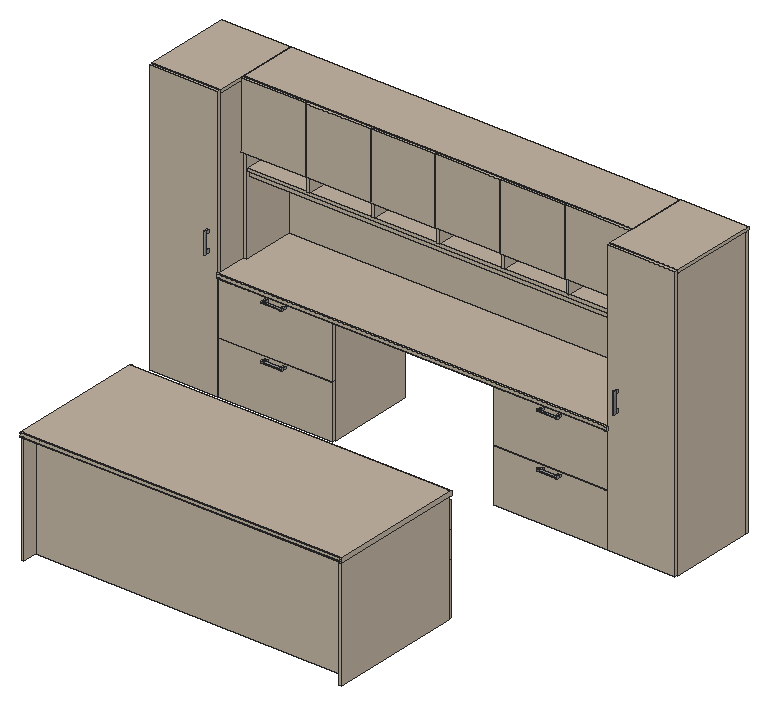
Revit family "JSI-Vision-Typical_Laminate-VST102", category Furniture, Revit 2020
Family settings
  OmniClass Number = 23.40.20.00
  OmniClass Title = General Furniture and Specialties
  Work Plane-Based = No
  Always vertical = Yes
  Cut with Voids When Loaded = No
  Shared = No
  Room Calculation Point = No
Parameters (values of type "VST102")
  URL = "www.jsifurniture.com"
  Type Comments = "Typical Laminate"  # constant formula
  Model = "VST102"
  Manufacturer = "JSI"  # constant formula
  Keynote = "12500"
  Default Elevation = 0"
  Assembly Code = "E2020200"
Reference planes (in)
  plane 1 "Center Front/Back": y = 0
  plane 2: z = 0
  plane 3 "Center Left/Right": x = 0
Dimensions and locks (in)
  aligned and locked: level to plane 2
Nested families (in)
  nested 1: "JSI-Vision-Overhead_Cabinets_with_Cubbies" at (17.875, 0.125, -0.8125), type "VST16102SOC, Laminate OH Cab. 16" x 102", 6 Doors w Cub"
    with Verticall Partition Distance 33.85417", Unit Centre 51", Width 102", Door Width Actual 16.83333", Door Array Spacing 16.95833", Door Width 16.83333", Bottom Partition Array Start Distance 16.89583", Bottom Partition Array Space 16.52083", Bottom Partition Array Distance 16.95833"
  nested 2: "JSI-Vision-Credenza_Top" at (17.875, 0, 28), type "VST24102MCT, Laminate Credenza Top, 24" x 102""
    with Height 0", Width 102", Depth 24"
  nested 3: "JSI-Vision-Storage_Cabinet" at (119.875, 0.125, 0), type "VST2418-72HR, Laminate 72" H Strg Cab24" x 18""
    with Width 17.88", Unit Centre 8.8775", Shelve Width 16.255", Height 72", Adjustable Shelves Array Distance 12.91667", Actual Width 17.755", Actual Height 71 11/16", # of Adjustable Shelves 3
  nested 4: "JSI-Vision-Wardrobe" at (0, 0.125, 0), type "VST2418-72WL - Wardrobe - 1 Doors 30"W x 24"D x 72"H"
    with Vertical Partition no, Top-Right Shelve no, Width 18", Unit Centre 8 15/16", Shelve Width 7 13/16", Right surface Dist. to Vertical Partition 3/4", Right Door no, Pull Distance 15 1/4", Left Shelves no, Height 72", Hanging Bar Distance 6 3/4", Door Width 17 3/4", Bottom-Right Shelves yes, Adjustable Shelves Array Distance 13.95", Actual Width 17 7/8", Actual Height 71 11/16", # of Adjustable Shelves 4
  nested 5: "JSI-Vision-Modular_Lateral_File_Pedestal" at (17.75, 0.1875, 0), type "VST3024MLF, Laminate Modular Lat F Ped"
    with Ped Depth 24"
  nested 6: "JSI-Vision-Modular_Lateral_File_Pedestal" at (89.75, 0.1875, 0), type "VST3024MLF, Laminate Modular Lat F Ped"
    with Ped Depth 24"
  nested 7: "JSI-Vision-Double_Pedestal-Recessed_Modesty" at (76.68587, -91.10065, 0) x (-1, 0, 0) z (0, 0, 1), type "VST3684DDF, Laminate 36 x 84 Dbl Ped Desk, Rcs Modesty"
    with Width 84", Height 30", Depth 36"
Definition of nested family "JSI-Vision-Overhead_Cabinets_with_Cubbies"
  Parameters (values of type "Overhead Cab. with Cubbies - Type Catalog Family")
    Verticall Partition Distance = (Door Width * 2) + 3/16"  # 29.85417"
    Unit Centre = Width / 2  # 45"
    Top = none
    Width = 90"
    URL = "www.jsifurniture.com"
    Type Comments = ""
    Tag = "6 Doors"
    Series = "Vision Casegoods"  # constant formula
    Right Vertical Partition = yes
    Overhead Height = 26 1/2"
    OH Elevation = 30"
    Model = "Type Catalog"
    Material = ""
    Manufacturer = "JSI"  # constant formula
    Left Vertical Partition = yes
    Keynote = "12500"  # constant formula
    JSI Enviromental Website = "http://www.jsifurniture.com/jsi_sustainability_intro.php"
    Height = 42"
    Grommet Finish = none
    Gromett Height = OH Elevation + 18 5/8"  # 48 5/8"
    Door Width Actual = if(# of Doors > 4, (((Width - 1")) / # of Doors), if(# of Doors > 3, (((Width - 1") / # of Doors) + 1/16"), if(# of Doors > 2, (((Width - 1 1/8" + 1/8") / # of Doors) + 1/8"), (((Width - 1 1/8" + 1/8") / # of Doors) + 1/4"))))  # 14.83333"
    Door Array Spacing = Door Width + 1/8"  # 14.95833"
    Door Width = Door Width Actual  # 14.83333"
    Door Front = none
    Door Align Spacing = 1/16"
    Description = "Type Catalog"
    Depth = 16"
    Default Elevation = 0"
    Chassis = none
    Bottom Partition Array Start Distance = if(# of Doors > 4, (((Width - 1") / # of Doors) + 1/16"), if(# of Doors > 3, (((Width - 1") / # of Doors) + 1/8"), if(# of Doors > 2, (((Width - 1") / # of Doors) + 3/16"), (((Width - 1") / # of Doors) + 1/4"))))  # 14.89583"
    Bottom Partition Array Space = Bottom Partition Array Start Distance - 3/8"  # 14.52083"
    Bottom Partition Array Distance = if(# of Doors > 2, (Verticall Partition Distance - Bottom Partition Array Start Distance), 0")  # 14.95833"
    Assembly Code = "E2020200"
    # of bottom Partition = if(# of Doors > 2, (# of Doors - 1), # of Doors)  # 5
    # of Doors = if(Width > 89", 6, (if(Width > 53", 4, (if(Width > 41", 3, (if(Width > 30", 2, 2)))))))  # 6
  Reference planes (in)
    plane 1 "Center Front/Back": y = 0
    plane 2: z = 0
    plane 3 "Center Left/Right": x = 0
    plane 4: z = 0
    plane 5: y = -0.125
    plane 6: x = 90
    plane 7: x = 0.125
    plane 8: x = 89.875
    plane 9: y = -15.5625
    plane 10: y = -16
    plane 11: z = 72.5
    plane 12: z = 72
    plane 13: x = 0.875
    plane 14: x = 89.125
    plane 15: y = -0.875
    plane 16: y = -0.9375
    plane 17: y = -1.6875
    plane 18: z = 71.75
    plane 19: z = 56.5
    plane 20: z = 57.25
    plane 21: z = 49
    plane 22: y = -14.8125
    plane 23: y = -14.0625
    plane 24: x = 0.1875
    plane 25: x = 89.8125
    plane 26: z = 72.4375
    plane 27: z = 55.1875
    plane 28: y = -15.6875
    plane 29: y = -16.4375
    plane 30: x = 45
    plane 31: x = 30.04167
    plane 32: x = 59.95833
    plane 33: x = 29.66667
    plane 34: x = 30.41667
    plane 35: x = 59.58333
    plane 36: x = 60.33333
    plane 37 "Not a Reference": x = 6.875
    plane 38: x = 83.125
    plane 39: z = 50.5
    plane 40: z = 51.25
    plane 41: x = 44.625
    plane 42: x = 45.375
    plane 43: x = 0.5
    plane 44: x = 89.5
    plane 45: x = 15.08333
    plane 46: x = 14.70833
    plane 47: x = 15.45833
    plane 48: z = 30
  Forms (in)
    Extrusion 1, solid, material <- "Chassis"
      sketch origin (0, 0, 0) x (1, 0, 0) y (0, 1, 0)
        loop
          line (0.125, -0.125) -> (0.125, -15.5625) -> (0.875, -15.5625) -> (0.875, -0.125) -> (0.125, -0.125)
      from 30 to 71.75
    Extrusion 2, solid, material <- "Chassis"
      sketch origin (0, 0, 0) x (1, 0, 0) y (0, 1, 0)
        loop
          line (89.875, -0.125) -> (89.125, -0.125) -> (89.125, -15.5625) -> (89.875, -15.5625) -> (89.875, -0.125)
      from 30 to 71.75
    Extrusion 3, solid, material <- "Top"
      sketch origin (0, 0, 0) x (1, 0, 0) y (0, 0, 1)
        loop
          line (0.125, 72.5) -> (0.125, 71.75) -> (89.875, 71.75) -> (89.875, 72.5) -> (0.125, 72.5)
      from 0.125 to 15.5625
    Extrusion 4, solid, material <- "Chassis"
      sketch origin (0, 0, 0) x (1, 0, 0) y (0, 0, 1)
        loop
          line (0.875, 57.25) -> (0.875, 56.5) -> (89.125, 56.5) -> (89.125, 57.25) -> (0.875, 57.25)
      from 1.6875 to 15.5625
    Extrusion 5, solid, material <- "Chassis"
      sketch origin (0, 0, 0) x (1, 0, 0) y (0, 1, 0)
        loop
          line (0.875, -14.0625) -> (0.875, -14.8125) -> (89.125, -14.8125) -> (89.125, -14.0625) -> (0.875, -14.0625)
      from 49 to 50.5
    Extrusion 6, solid, material <- "Door Front"
      sketch origin (-3.04167, 0, 31.5) x (1, 0, 0) y (0, 1, 0)
        loop
          line (3.22917, -15.6875) -> (3.22917, -16.4375) -> (18.0625, -16.4375) -> (18.0625, -15.6875) -> (3.22917, -15.6875)
      from 23.6875 to 40.9375
    Extrusion 7, solid, material <- "Door Front"
      sketch origin (11.91667, 0, 31.5) x (1, 0, 0) y (0, 1, 0)
        loop
          line (3.22917, -15.6875) -> (3.22917, -16.4375) -> (18.0625, -16.4375) -> (18.0625, -15.6875) -> (3.22917, -15.6875)
      from 23.6875 to 40.9375
    Extrusion 8, solid, material <- "Chassis", visible <- "Left Vertical Partition"
      sketch origin (0, 0, 0) x (1, 0, 0) y (0, 1, 0)
        loop
          line (29.66667, -1.6875) -> (29.66667, -15.5625) -> (30.41667, -15.5625) -> (30.41667, -1.6875) -> (29.66667, -1.6875)
      from 57.25 to 71.75
    Extrusion 9, solid, material <- "Chassis", visible <- "Right Vertical Partition"
      sketch origin (0, 0, 0) x (1, 0, 0) y (0, 1, 0)
        loop
          line (59.58333, -1.6875) -> (59.58333, -15.5625) -> (60.33333, -15.5625) -> (60.33333, -1.6875) -> (59.58333, -1.6875)
      from 57.25 to 71.75
    Extrusion 10, solid, material <- "Chassis"
      sketch origin (130.61992, -0.9375, 48) x (1, 0, 0) y (0, 0, 1)
        loop
          line (-129.74492, 23.75) -> (-129.74492, -18) -> (-41.49492, -18) -> (-41.49492, 23.75) -> (-129.74492, 23.75)
        loop
          circle (-120.11862, 1.90531) r 0.33402
        loop
          circle (-51.12122, 1.90531) r 0.33402
      from 0 to 0.75
    Extrusion 11, solid, material <- "Chassis"
      sketch origin (130.61992, -0.9375, 48) x (1, 0, 0) y (0, 0, 1)
        loop
          line (-129.74492, 2.5) -> (-41.49492, 2.5) -> (-41.49492, 3.25) -> (-129.74492, 3.25) -> (-129.74492, 2.5)
      from 0.75 to 14.625
    Extrusion 12, solid, material <- "Chassis"
      sketch origin (-3, 0, 30) x (1, 0, 0) y (0, 1, 0)
        loop
          line (17.70833, -1.6875) -> (17.70833, -15.5625) -> (18.45833, -15.5625) -> (18.45833, -1.6875) -> (17.70833, -1.6875)
      from 21.25 to 26.5
    Extrusion 13, solid, material <- "Chassis"
      sketch origin (11.95833, 0, 30) x (1, 0, 0) y (0, 1, 0)
        loop
          line (17.70833, -1.6875) -> (17.70833, -15.5625) -> (18.45833, -15.5625) -> (18.45833, -1.6875) -> (17.70833, -1.6875)
      from 21.25 to 26.5
    Extrusion 14, solid, material <- "Door Front"
      sketch origin (26.875, 0, 31.5) x (1, 0, 0) y (0, 1, 0)
        loop
          line (3.22917, -15.6875) -> (3.22917, -16.4375) -> (18.0625, -16.4375) -> (18.0625, -15.6875) -> (3.22917, -15.6875)
      from 23.6875 to 40.9375
    Extrusion 15, solid, material <- "Door Front"
      sketch origin (41.83333, 0, 31.5) x (1, 0, 0) y (0, 1, 0)
        loop
          line (3.22917, -15.6875) -> (3.22917, -16.4375) -> (18.0625, -16.4375) -> (18.0625, -15.6875) -> (3.22917, -15.6875)
      from 23.6875 to 40.9375
    Extrusion 16, solid, material <- "Door Front"
      sketch origin (56.79167, 0, 31.5) x (1, 0, 0) y (0, 1, 0)
        loop
          line (3.22917, -15.6875) -> (3.22917, -16.4375) -> (18.0625, -16.4375) -> (18.0625, -15.6875) -> (3.22917, -15.6875)
      from 23.6875 to 40.9375
    Extrusion 17, solid, material <- "Door Front"
      sketch origin (71.75, 0, 31.5) x (1, 0, 0) y (0, 1, 0)
        loop
          line (3.22917, -15.6875) -> (3.22917, -16.4375) -> (18.0625, -16.4375) -> (18.0625, -15.6875) -> (3.22917, -15.6875)
      from 23.6875 to 40.9375
    Extrusion 18, solid, material <- "Chassis"
      sketch origin (26.91667, 0, 30) x (1, 0, 0) y (0, 1, 0)
        loop
          line (17.70833, -1.6875) -> (17.70833, -15.5625) -> (18.45833, -15.5625) -> (18.45833, -1.6875) -> (17.70833, -1.6875)
      from 21.25 to 26.5
    Extrusion 19, solid, material <- "Chassis"
      sketch origin (41.875, 0, 30) x (1, 0, 0) y (0, 1, 0)
        loop
          line (17.70833, -1.6875) -> (17.70833, -15.5625) -> (18.45833, -15.5625) -> (18.45833, -1.6875) -> (17.70833, -1.6875)
      from 21.25 to 26.5
    Extrusion 20, solid, material <- "Chassis"
      sketch origin (56.83333, 0, 30) x (1, 0, 0) y (0, 1, 0)
        loop
          line (17.70833, -1.6875) -> (17.70833, -15.5625) -> (18.45833, -15.5625) -> (18.45833, -1.6875) -> (17.70833, -1.6875)
      from 21.25 to 26.5
  Lines and regions (in)
    symbolic lines
      curve 1: line (89.875, -0.125, 0) -> (0.125, -0.125, 0)
      curve 2: line (0.125, -0.125, 0) -> (0.125, -15.5625, 0)
      curve 3: line (0.125, -15.5625, 0) -> (89.875, -15.5625, 0)
      curve 4: line (89.875, -15.5625, 0) -> (89.875, -0.125, 0)
      curve 5: line (0.1875, -15.6875, 0) -> (15.02083, -15.6875, 0)
      curve 6: line (0.1875, -16.4375, 0) -> (0.1875, -15.6875, 0)
      curve 7: line (15.02083, -16.4375, 0) -> (0.1875, -16.4375, 0)
      curve 8: line (15.02083, -15.6875, 0) -> (15.02083, -16.4375, 0)
      curve 9: line (15.14583, -15.6875, 0) -> (29.97917, -15.6875, 0)
      curve 10: line (15.14583, -16.4375, 0) -> (15.14583, -15.6875, 0)
      curve 11: line (29.97917, -16.4375, 0) -> (15.14583, -16.4375, 0)
      curve 12: line (29.97917, -15.6875, 0) -> (29.97917, -16.4375, 0)
      curve 13: line (30.10417, -15.6875, 0) -> (44.9375, -15.6875, 0)
      curve 14: line (30.10417, -16.4375, 0) -> (30.10417, -15.6875, 0)
      curve 15: line (44.9375, -16.4375, 0) -> (30.10417, -16.4375, 0)
      curve 16: line (44.9375, -15.6875, 0) -> (44.9375, -16.4375, 0)
      curve 17: line (45.0625, -15.6875, 0) -> (59.89583, -15.6875, 0)
      curve 18: line (45.0625, -16.4375, 0) -> (45.0625, -15.6875, 0)
      curve 19: line (59.89583, -16.4375, 0) -> (45.0625, -16.4375, 0)
      curve 20: line (59.89583, -15.6875, 0) -> (59.89583, -16.4375, 0)
      curve 21: line (60.02083, -15.6875, 0) -> (74.85417, -15.6875, 0)
      curve 22: line (60.02083, -16.4375, 0) -> (60.02083, -15.6875, 0)
      curve 23: line (74.85417, -16.4375, 0) -> (60.02083, -16.4375, 0)
      curve 24: line (74.85417, -15.6875, 0) -> (74.85417, -16.4375, 0)
      curve 25: line (74.97917, -15.6875, 0) -> (89.8125, -15.6875, 0)
      curve 26: line (74.97917, -16.4375, 0) -> (74.97917, -15.6875, 0)
      curve 27: line (89.8125, -16.4375, 0) -> (74.97917, -16.4375, 0)
      curve 28: line (89.8125, -15.6875, 0) -> (89.8125, -16.4375, 0)
  Dimensions and locks (in)
    locked: plane 3 "Center Left/Right" to plane 7 at 0.125
    locked: plane 8 to plane 6 at 0.125
    locked: plane 5 to plane 1 "Center Front/Back" at 0.125
    plane 10 to plane 9 to plane 22 to plane 23 = 7/16" locked, 3/4" locked, 3/4" locked
    "Width": plane 3 "Center Left/Right" to plane 6
    "Depth": plane 10 to plane 1 "Center Front/Back"
    locked: plane 11 to plane 12 at 0.5
    locked: plane 7 to plane 13 at 0.75
    locked: plane 14 to plane 8 at 0.75
    locked: plane 15 to plane 5 at 0.75
    plane 17 to plane 16 to plane 5 = 3/4" locked, 13/16" locked
    locked: plane 11 to plane 18 at 0.75
    locked: plane 20 to plane 19 at 0.75
    plane 18 to plane 20 = 14 1/2"
    locked: plane 11 to plane 26 at 0.0625
    locked: plane 19 to plane 27 at 1.3125
    plane 29 to plane 28 to plane 9 = 3/4" locked, 1/8" locked
    "Door Width": Extrusion 6 sketch curve to Extrusion 6 sketch curve
    "Door Width": Extrusion 7 sketch curve to Extrusion 7 sketch curve
    equal spacing: group 1, group 2, group 5, group 6, group 7, group 8  (x3)
    "Door Array Spacing": Extrusion 6 to Extrusion 7
    "Verticall Partition Distance": plane 24 to plane 31
    plane 33 to plane 31 to plane 34 = 3/8" locked, 3/8" locked
    plane 35 to plane 32 to plane 36 = 3/8" locked, 3/8" locked
    "Verticall Partition Distance": plane 32 to plane 25
    "Unit Centre": plane 3 "Center Left/Right" to plane 30
    locked: plane 13 to plane 37 "Not a Reference" at 6
    locked: plane 38 to plane 14 at 6
    "Door Align Spacing": plane 7 to plane 24
    "Door Align Spacing": plane 25 to plane 8
    locked: plane 19 to plane 39 at 6
    plane 40 to plane 39 to plane 21 = 3/4" locked, 1 1/2" locked
    locked: plane 43 to plane 13 at 0.375
    locked: plane 14 to plane 44 at 0.375
    "Bottom Partition Array Start Distance": plane 24 to plane 45
    plane 46 to plane 45 to plane 47 = 3/8" locked, 3/8" locked
    equal spacing: group 3, group 4, group 9, group 10, group 11  (x3)
    "Bottom Partition Array Distance": Extrusion 12 to Extrusion 13
    "Bottom Partition Array Space": plane 24 to Extrusion 12
    plane 41 to plane 30 to plane 42 = 3/8" locked, 3/8" locked
    "OH Elevation": plane 48 to plane 4
    "Height": plane 12 to plane 48
    "Overhead Height": plane 19 to plane 48
    "Door Width": Extrusion 14 sketch curve to Extrusion 14 sketch curve
    "Door Width": Extrusion 15 sketch curve to Extrusion 15 sketch curve
    "Door Width": Extrusion 16 sketch curve to Extrusion 16 sketch curve
    "Door Width": Extrusion 17 sketch curve to Extrusion 17 sketch curve
    locked: Extrusion 10 sketch curve to Extrusion 1 at 9.6263
    locked: Extrusion 10 sketch curve to Extrusion 10 sketch curve at 21.84469  (x2)
    locked: Extrusion 10 sketch curve to Extrusion 10 sketch curve at 9.6263
    aligned and locked: level to plane 2
    aligned and locked: plane 5 to Extrusion 1 sketch curve
    aligned and locked: plane 7 to Extrusion 1 sketch curve
    aligned and locked: Extrusion 1 sketch curve to plane 13
    aligned and locked: Extrusion 2 sketch curve to plane 5
    aligned and locked: plane 8 to Extrusion 2 sketch curve
    aligned and locked: Extrusion 2 sketch curve to plane 14
    aligned and locked: Extrusion 3 sketch curve to plane 11
    aligned and locked: plane 7 to Extrusion 3 sketch curve
    aligned and locked: Extrusion 3 to plane 5
    aligned and locked: plane 9 to Extrusion 1
    aligned and locked: plane 9 to Extrusion 2
    aligned and locked: plane 9 to Extrusion 3
    aligned and locked: Extrusion 4 sketch curve to plane 20
    aligned and locked: plane 13 to Extrusion 4 sketch curve
    aligned and locked: plane 19 to Extrusion 4 sketch curve
    aligned and locked: Extrusion 4 sketch curve to plane 14
    aligned and locked: Extrusion 4 to plane 17
    aligned and locked: plane 9 to Extrusion 4
    aligned and locked: plane 23 to Extrusion 5 sketch curve
    aligned and locked: plane 13 to Extrusion 5 sketch curve
    aligned and locked: Extrusion 5 sketch curve to plane 22
    aligned and locked: Extrusion 5 sketch curve to plane 14
    aligned and locked: Extrusion 5 to plane 21
    aligned and locked: Extrusion 6 to plane 24
    aligned and locked: plane 17 to Extrusion 8 sketch curve
    aligned and locked: plane 33 to Extrusion 8 sketch curve
    aligned and locked: Extrusion 8 sketch curve to plane 9
    aligned and locked: Extrusion 8 sketch curve to plane 34
    aligned and locked: plane 17 to Extrusion 9 sketch curve
    aligned and locked: plane 35 to Extrusion 9 sketch curve
    aligned and locked: Extrusion 9 sketch curve to plane 9
    aligned and locked: Extrusion 9 sketch curve to plane 36
    aligned and locked: plane 18 to Extrusion 8
    aligned and locked: Extrusion 8 to plane 20
    aligned and locked: plane 18 to Extrusion 9
    aligned and locked: Extrusion 9 to plane 20
    aligned and locked: Extrusion 1 to Extrusion 10 sketch curve
    aligned and locked: Extrusion 10 sketch curve to Extrusion 1
    aligned and locked: Extrusion 10 sketch curve to Extrusion 2
    aligned and locked: Extrusion 10 to plane 16
    aligned and locked: plane 17 to Extrusion 10
    aligned and locked: Extrusion 6 to plane 27
    aligned and locked: Extrusion 11 sketch curve to plane 39
    aligned and locked: Extrusion 11 sketch curve to plane 40
    aligned and locked: Extrusion 11 sketch curve to plane 13
    aligned and locked: Extrusion 11 sketch curve to plane 14
    aligned and locked: Extrusion 11 to plane 17
    aligned and locked: plane 9 to Extrusion 11
    aligned and locked: plane 39 to Extrusion 5
    aligned and locked: Extrusion 12 to plane 40
    aligned and locked: plane 19 to Extrusion 12
    aligned and locked: plane 30 to nested 1
    aligned and locked: plane 29 to nested 1
    aligned and locked: plane 27 to Extrusion 6  (x3)
    aligned and locked: Extrusion 7 to plane 27
    aligned and locked: Extrusion 12 to plane 19  (x2)
    aligned and locked: plane 40 to Extrusion 12  (x2)
    aligned and locked: plane 19 to Extrusion 13
    aligned and locked: Extrusion 13 to plane 40
    aligned and locked: plane 18 to Extrusion 2
    aligned and locked: plane 18 to Extrusion 1
    aligned and locked: plane 26 to Extrusion 6
    aligned and locked: curve 1 to Extrusion 3
    aligned and locked: curve 2 to Extrusion 3
    aligned and locked: curve 3 to Extrusion 3
    aligned and locked: curve 4 to Extrusion 3
    aligned and locked: plane 26 to Extrusion 7
    aligned and locked: Extrusion 13 to plane 19
    aligned and locked: plane 40 to Extrusion 13
    aligned and locked: Extrusion 1 to plane 48
    aligned and locked: Extrusion 2 to plane 48
    aligned and locked: Extrusion 10 sketch curve to plane 48
    aligned and locked: curve 5 to Extrusion 6
    aligned and locked: curve 6 to Extrusion 6
    aligned and locked: curve 7 to Extrusion 6
    aligned and locked: curve 8 to Extrusion 6
    aligned and locked: curve 9 to Extrusion 7
    aligned and locked: curve 10 to Extrusion 7
    aligned and locked: curve 11 to Extrusion 7
    aligned and locked: curve 12 to Extrusion 7
    aligned and locked: curve 13 to Extrusion 14
    aligned and locked: curve 14 to Extrusion 14
    aligned and locked: curve 15 to Extrusion 14
    aligned and locked: curve 16 to Extrusion 14
    aligned and locked: curve 17 to Extrusion 15
    aligned and locked: curve 18 to Extrusion 15
    aligned and locked: curve 19 to Extrusion 15
    aligned and locked: curve 20 to Extrusion 15
    aligned and locked: curve 21 to Extrusion 16
    aligned and locked: curve 22 to Extrusion 16
    aligned and locked: curve 23 to Extrusion 16
    aligned and locked: curve 24 to Extrusion 16
    aligned and locked: curve 25 to Extrusion 17
    aligned and locked: curve 26 to Extrusion 17
    aligned and locked: curve 27 to Extrusion 17
    aligned and locked: curve 28 to Extrusion 17
  Automatic sketch dimensions
    Extrusion 1 sketch curve to plane 10 = 7/16"
    Extrusion 3 sketch curve to plane 8 = 0"
    Extrusion 3 sketch curve to plane 18 = 0"
    plane 9 to Extrusion 2 sketch curve = 0"
    Extrusion 6 sketch curve to Extrusion 6 sketch curve = 3/4"
    Extrusion 7 sketch curve to Extrusion 7 sketch curve = 3/4"
    Extrusion 12 sketch curve to Extrusion 12 sketch curve = 3/4"
    Extrusion 12 sketch curve to Extrusion 12 sketch curve = 13 7/8"
    Extrusion 13 sketch curve to Extrusion 13 sketch curve = 3/4"
    Extrusion 13 sketch curve to Extrusion 13 sketch curve = 13 7/8"
    Extrusion 14 sketch curve to Extrusion 14 sketch curve = 3/4"
    Extrusion 15 sketch curve to Extrusion 15 sketch curve = 3/4"
    Extrusion 16 sketch curve to Extrusion 16 sketch curve = 3/4"
    Extrusion 17 sketch curve to Extrusion 17 sketch curve = 3/4"
    Extrusion 18 sketch curve to Extrusion 18 sketch curve = 3/4"
    Extrusion 18 sketch curve to Extrusion 18 sketch curve = 13 7/8"
    Extrusion 19 sketch curve to Extrusion 19 sketch curve = 3/4"
    Extrusion 19 sketch curve to Extrusion 19 sketch curve = 13 7/8"
    Extrusion 20 sketch curve to Extrusion 20 sketch curve = 3/4"
    Extrusion 20 sketch curve to Extrusion 20 sketch curve = 13 7/8"
    curve 6 to curve 7 = 14.83333"
    curve 6 to curve 6 = 3/4"
    curve 10 to curve 11 = 14.83333"
    curve 10 to curve 10 = 3/4"
    curve 14 to curve 15 = 14.83333"
    curve 14 to curve 14 = 3/4"
    curve 18 to curve 19 = 14.83333"
    curve 18 to curve 18 = 3/4"
    curve 22 to curve 23 = 14.83333"
    curve 22 to curve 22 = 3/4"
    curve 26 to curve 27 = 14.83333"
    curve 26 to curve 26 = 3/4"
    radius of Extrusion 10 sketch curve = 0.33402"  (x2)
  Nested families (in)
    nested 1: "Label 1-16 OH" at (45, -16.4375, 0), type "OH DOORS"
  Definition of nested family "Label 1-16 OH"
    Parameters
      Width = 1"
      Model Name = "XX"
    Reference planes (in)
      plane 1: y = 0
      plane 2: x = 0
    Text (in)
      label "XX" at (0.00051, -0.12324, 0), shows "Model Name"
Definition of nested family "JSI-Vision-Credenza_Top"
  Parameters (values of type "Type Catalog")
    Worksurface = none
    Width = 30"
    URL = "www.jsifurniture.com"
    Type Comments = ""
    Series = "Vision Casegoods"  # constant formula
    Model = "Type Catalog"
    Material = ""
    Manufacturer = "JSI"  # constant formula
    Keynote = "12500"
    JSI Enviromental Website = "http://www.jsifurniture.com/jsi_sustainability_intro.php"
    Height [instance] = 0"
    Description = "Type Catalog"
    Depth = 20"
    Default Elevation = 0"
    Assembly Code = "E2020200"
  Reference planes (in)
    plane 1 "Center Front/Back": y = 0
    plane 2: z = 0
    plane 3 "Center Left/Right": x = 0
    plane 4: z = 0
    plane 5: x = 30
    plane 6: y = -20
    plane 7: z = 1.1875
    plane 8: z = 0
  Forms (in)
    Extrusion 1, solid, material <- "Worksurface"
      sketch origin (0, 0, 28) x (0, 1, 0) y (0, 0, 1)
        loop
          line (-19.88189, -28) -> (0, -28) -> (0, -26.8125) -> (-19.88189, -26.8125)
          arc (-19.88189, -26.8125) -> (-19.96541, -26.84709) -> (-20, -26.93061) r 0.11811
          line (-20, -26.93061) -> (-20, -27.88189)
          arc (-20, -27.88189) -> (-19.96541, -27.96541) -> (-19.88189, -28) r 0.11811
      from 0 to 30
  Lines and regions (in)
    symbolic lines
      curve 1: line (0, 0, 0) -> (30, 0, 0)
      curve 2: line (0, -20, 0) -> (0, 0, 0)
      curve 3: line (30, -20, 0) -> (0, -20, 0)
      curve 4: line (30, 0, 0) -> (30, -20, 0)
  Dimensions and locks (in)
    "Depth": plane 6 to plane 1 "Center Front/Back"
    "Width": plane 5 to plane 3 "Center Left/Right"
    locked: plane 7 to plane 8 at 1.1875
    "Height": plane 8 to level
    aligned and locked: level to plane 2
    aligned and locked: plane 5 to Extrusion 1
    aligned and locked: curve 1 to Extrusion 1
    aligned and locked: curve 2 to Extrusion 1
    aligned and locked: plane 6 to curve 3
    aligned and locked: curve 4 to plane 5
    aligned and locked: Extrusion 1 to plane 8
    aligned and locked: plane 7 to Extrusion 1
  Automatic sketch dimensions
    Extrusion 1 sketch curve to plane 6 = 0"
    level to Extrusion 1 sketch curve = 0"
    Extrusion 1 sketch curve to plane 7 = 0"
    Extrusion 1 sketch curve to plane 1 "Center Front/Back" = 0"
    Extrusion 1 sketch curve to Extrusion 1 sketch curve = 0.11811"
    plane 6 to Extrusion 1 sketch curve = 0.11811"
Definition of nested family "JSI-Vision-Storage_Cabinet"
  Parameters (values of type "Type Catalog")
    Top = none
    Width = 18"
    Unit Centre = Actual Width / 2  # 8 15/16"
    URL = "www.jsifurniture.com"
    Type Comments = ""
    Tag = "Type Catalog"
    Shelve Width = Actual Width - 1 1/2"  # 16 3/8"
    Shelve Depth = Actual Depth - 1 11/16"  # 21 5/16"
    Series = "Vision Casegoods"  # constant formula
    Pull Position = 36"
    Pull Finish = none
    Pull Distance = if(HRL, (Actual Width - 2 5/8"), 2 1/2")  # 2 1/2"
    Model = "Type Catalog"
    Material = ""
    Manufacturer = "JSI"  # constant formula
    Keynote = "12500"  # constant formula
    JSI Enviromental Website = "http://www.jsifurniture.com/jsi_sustainability_intro.php"
    Height = 84"
    HRL = no
    Fix Shelve = 14 3/4"  # constant formula
    Door Front = none
    Description = "Type Catalog"
    Depth = 24"
    Default Elevation = 0"
    Chassis = none
    Bottom Adjustable Shelve = Fix Shelve * 2  # 29 1/2"
    Assembly Code = "E2020200"
    Adjustable Shelves Array Distance = if(Height > 42", ((Height - 3 3/4" - (Fix Shelve * 2)) / (# of Adjustable Shelves)), 0")  # 12 11/16"
    Actual Width = Width - 1/8"  # 17 7/8"
    Actual Height = if(Height > 54", (Height - 5/16"), (if(Height > 42", (Height + 1 1/8"), if(Height > 30", (Height - 3/8"), (Height - 13/16")))))  # 83 11/16"
    Actual Depth = Depth - 1"  # 23"
    # of Adjustable Shelves = if(Height > 72", 4, (if(Height > 57", 3, 2)))  # 4
  Reference planes (in)
    plane 1 "Center Front/Back": y = 0
    plane 2: z = 0
    plane 3 "Center Left/Right": x = 0
    plane 4: z = 0
    plane 5: x = 17.875
    plane 6: y = -0.125
    plane 7: y = -23.125
    plane 8: z = 83.6875
    plane 9: y = -0.875
    plane 10: y = -22.9375
    plane 11: y = -22.1875
    plane 12: x = 0.75
    plane 13: x = 17.125
    plane 14: z = 1.1875
    plane 15: z = 1.9375
    plane 16: z = 82.9375
    plane 17: z = 83.3125
    plane 18: z = 17.0625
    plane 19: z = 32.5625
    plane 20: z = 42.625
    plane 21: z = 56.1875
    plane 22: z = 69.75
    plane 23: z = 70.125
    plane 24: z = 69.375
    plane 25: z = 56.5625
    plane 26: z = 55.8125
    plane 27: z = 43
    plane 28: z = 42.25
    plane 29: z = 32.9375
    plane 30: z = 32.1875
    plane 31: z = 17.4375
    plane 32: z = 16.6875
    plane 33: x = 8.9375
    plane 34: x = 0.0625
    plane 35: x = 17.8125
    plane 36: x = 9
    plane 37: x = 8.875
    plane 38: z = 1.03125
    plane 39: y = -23.25
    plane 40: y = -24
    plane 41: x = 2.5625
    plane 42: z = 30.9375
    plane 43: z = 83.625
    plane 44: z = 36
    plane 45: y = -23
  Forms (in)
    Extrusion 1, solid, material <- "Chassis"
      sketch origin (0, 0, 0) x (1, 0, 0) y (0, 1, 0)
        loop
          line (0, -0.125) -> (0, -0.875) -> (17.875, -0.875) -> (17.875, -0.125) -> (0, -0.125)
      from 0 to 82.9375
    Extrusion 2, solid, material <- "Chassis"
      sketch origin (0, 0, 0) x (1, 0, 0) y (0, 1, 0)
        loop
          line (0, -0.875) -> (0, -23.125) -> (0.75, -23.125) -> (0.75, -0.875) -> (0, -0.875)
      from 0 to 82.9375
    Extrusion 3, solid, material <- "Chassis"
      sketch origin (0, 0, 0) x (1, 0, 0) y (0, 1, 0)
        loop
          line (17.125, -0.875) -> (17.125, -23.125) -> (17.875, -23.125) -> (17.875, -0.875) -> (17.125, -0.875)
      from 0 to 82.9375
    Extrusion 4, solid, material <- "Top"
      sketch origin (0, 0, 0) x (0, 1, 0) y (0, 0, 1)
        loop
          line (-0.125, 83.6875) -> (-23.125, 83.6875) -> (-23.125, 82.9375) -> (-0.125, 82.9375) -> (-0.125, 83.6875)
      from 0 to 17.875
    Extrusion 5, solid, material <- "Chassis"
      sketch origin (0, 0, 0) x (0, 1, 0) y (0, 0, 1)
        loop
          line (-0.875, 1.9375) -> (-22.1875, 1.9375) -> (-22.1875, 1.1875) -> (-0.875, 1.1875) -> (-0.875, 1.9375)
      from 0.75 to 17.125
    Extrusion 6, solid, material <- "Chassis"
      sketch origin (0, 0, 0) x (0, 1, 0) y (0, 0, 1)
        loop
          line (-22.1875, 1.9375) -> (-22.9375, 1.9375) -> (-22.9375, 0) -> (-22.1875, 0) -> (-22.1875, 1.9375)
      from 0.75 to 17.125
    Extrusion 7, solid, material <- "Chassis"
      sketch origin (0, 0, 0) x (1, 0, 0) y (0, 0, 1)
        loop
          line (0.75, 17.4375) -> (0.75, 16.6875) -> (17.125, 16.6875) -> (17.125, 17.4375) -> (0.75, 17.4375)
      from 0.875 to 22.1875
    Extrusion 8, solid, material <- "Chassis"
      sketch origin (-30, -7.5625, 2) x (1, 0, 0) y (0, 0, 1)
        loop
          line (30.75, 29.4375) -> (30.75, 28.6875) -> (47.125, 28.6875) -> (47.125, 29.4375) -> (30.75, 29.4375)
      from -6.6875 to 14.625
    Extrusion 9, solid, material <- "Chassis"
      sketch origin (-30, -7.5625, 14.6875) x (1, 0, 0) y (0, 0, 1)
        loop
          line (30.75, 29.4375) -> (30.75, 28.6875) -> (47.125, 28.6875) -> (47.125, 29.4375) -> (30.75, 29.4375)
      from -6.6875 to 14.625
    Extrusion 10, solid, material <- "Door Front"
      sketch origin (0, 0, 0) x (1, 0, 0) y (0, 1, 0)
        loop
          line (0.0625, -23.25) -> (0.0625, -24) -> (17.8125, -24) -> (17.8125, -23.25) -> (0.0625, -23.25)
      from 0.125 to 83.625
    Extrusion 11, solid, material <- "Chassis"
      sketch origin (-30, -7.5625, 27.375) x (1, 0, 0) y (0, 0, 1)
        loop
          line (30.75, 29.4375) -> (30.75, 28.6875) -> (47.125, 28.6875) -> (47.125, 29.4375) -> (30.75, 29.4375)
      from -6.6875 to 14.625
    Extrusion 12, solid, material <- "Chassis"
      sketch origin (-30, -7.5625, 40.0625) x (1, 0, 0) y (0, 0, 1)
        loop
          line (30.75, 29.4375) -> (30.75, 28.6875) -> (47.125, 28.6875) -> (47.125, 29.4375) -> (30.75, 29.4375)
      from -6.6875 to 14.625
  Lines and regions (in)
    symbolic lines
      curve 1: line (17.875, -0.125, 0) -> (0, -0.125, 0)
      curve 2: line (0, -0.125, 0) -> (0, -23.125, 0)
      curve 3: line (0, -23.125, 0) -> (17.875, -23.125, 0)
      curve 4: line (17.875, -23.125, 0) -> (17.875, -0.125, 0)
      curve 5: line (17.8125, -24, 0) -> (17.8125, -23.25, 0)
      curve 6: line (17.8125, -23.25, 0) -> (0.0625, -23.25, 0)
      curve 7: line (0.0625, -24, 0) -> (17.8125, -24, 0)
      curve 8: line (0.0625, -23.25, 0) -> (0.0625, -24, 0)
  Dimensions and locks (in)
    locked: plane 6 to plane 1 "Center Front/Back" at 0.125
    plane 7 to plane 10 to plane 11 = 3/16" locked, 3/4" locked
    locked: plane 3 "Center Left/Right" to plane 12 at 0.75
    locked: plane 13 to plane 5 at 0.75
    plane 15 to plane 14 to plane 4 = 3/4" locked, 1 3/16" locked
    locked: plane 8 to plane 16 at 0.75
    locked: plane 17 to plane 16 at 0.375
    plane 23 to plane 22 to plane 24 = 3/8" locked, 3/8" locked
    plane 25 to plane 21 to plane 26 = 3/8" locked, 3/8" locked
    plane 27 to plane 20 to plane 28 = 3/8" locked, 3/8" locked
    plane 29 to plane 19 to plane 30 = 3/8" locked, 3/8" locked
    plane 31 to plane 18 to plane 32 = 3/8" locked, 3/8" locked
    "Fix Shelve": plane 32 to plane 15
    equal spacing: plane 30, plane 18, plane 15
    "Actual Width": plane 3 "Center Left/Right" to plane 5
    equal spacing: group 1, group 2, group 3, group 4  (x3)
    "Adjustable Shelves Array Distance": Extrusion 9 to Extrusion 8
    "Bottom Adjustable Shelve": Extrusion 8 to plane 15
    "Shelve Width": Extrusion 8 sketch curve to Extrusion 8 sketch curve
    "Shelve Width": Extrusion 9 sketch curve to Extrusion 9 sketch curve
    "Unit Centre": plane 3 "Center Left/Right" to plane 33
    "Actual Height": plane 8 to plane 4
    locked: plane 3 "Center Left/Right" to plane 34 at 0.0625
    plane 37 to plane 33 to plane 36 = 1/16" locked, 1/16" locked
    locked: plane 35 to plane 5 at 0.0625
    locked: plane 14 to plane 38 at 0.15625
    plane 40 to plane 39 to plane 7 = 3/4" locked, 1/8" locked
    locked: plane 29 to plane 42 at 2
    locked: plane 8 to plane 43 at 0.0625
    "Pull Position": plane 44 to level
    "Pull Distance": plane 34 to plane 41
    "Shelve Depth": Extrusion 8 to Extrusion 8
    "Actual Depth": plane 7 to plane 6
    "Shelve Depth": Extrusion 9 to Extrusion 9
    "Shelve Width": Extrusion 11 sketch curve to Extrusion 11 sketch curve
    "Shelve Depth": Extrusion 11 to Extrusion 11
    "Shelve Width": Extrusion 12 sketch curve to Extrusion 12 sketch curve
    "Shelve Depth": Extrusion 12 to Extrusion 12
    locked: plane 4 to Extrusion 10 at 0.125
    aligned and locked: level to plane 2
    aligned and locked: plane 6 to Extrusion 1 sketch curve
    aligned and locked: Extrusion 1 sketch curve to plane 9
    aligned and locked: Extrusion 1 sketch curve to plane 5
    aligned and locked: plane 3 "Center Left/Right" to Extrusion 1 sketch curve
    aligned and locked: Extrusion 1 to plane 4
    aligned and locked: plane 16 to Extrusion 1
    aligned and locked: plane 3 "Center Left/Right" to Extrusion 2 sketch curve
    aligned and locked: Extrusion 2 sketch curve to plane 12
    aligned and locked: Extrusion 2 sketch curve to plane 7
    aligned and locked: plane 9 to Extrusion 2 sketch curve
    aligned and locked: plane 13 to Extrusion 3 sketch curve
    aligned and locked: Extrusion 3 sketch curve to plane 5
    aligned and locked: Extrusion 3 sketch curve to plane 7
    aligned and locked: plane 9 to Extrusion 3 sketch curve
    aligned and locked: Extrusion 2 to plane 4
    aligned and locked: Extrusion 3 to plane 4
    aligned and locked: plane 16 to Extrusion 2
    aligned and locked: plane 16 to Extrusion 3
    aligned and locked: plane 16 to Extrusion 4 sketch curve
    aligned and locked: Extrusion 4 sketch curve to plane 8
    aligned and locked: plane 6 to Extrusion 4 sketch curve
    aligned and locked: Extrusion 4 sketch curve to plane 7
    aligned and locked: Extrusion 4 to plane 3 "Center Left/Right"
    aligned and locked: plane 5 to Extrusion 4
    aligned and locked: Extrusion 5 sketch curve to plane 11
    aligned and locked: plane 14 to Extrusion 5 sketch curve
    aligned and locked: Extrusion 5 sketch curve to plane 15
    aligned and locked: plane 9 to Extrusion 5 sketch curve
    aligned and locked: Extrusion 5 to plane 12
    aligned and locked: plane 13 to Extrusion 5
    aligned and locked: plane 11 to Extrusion 6 sketch curve
    aligned and locked: Extrusion 6 sketch curve to plane 10
    aligned and locked: plane 4 to Extrusion 6 sketch curve
    aligned and locked: Extrusion 6 sketch curve to plane 15
    aligned and locked: Extrusion 6 to plane 12
    aligned and locked: plane 13 to Extrusion 6
    aligned and locked: level to plane 4
    aligned and locked: Extrusion 7 sketch curve to plane 31
    aligned and locked: plane 32 to Extrusion 7 sketch curve
    aligned and locked: Extrusion 7 sketch curve to plane 13
    aligned and locked: plane 12 to Extrusion 7 sketch curve
    aligned and locked: Extrusion 7 to plane 9
    aligned and locked: plane 11 to Extrusion 7
    aligned and locked: Extrusion 8 to plane 12
    aligned and locked: Extrusion 9 to plane 12
    aligned and locked: plane 33 to nested 1
    aligned and locked: plane 40 to nested 1
    aligned and locked: plane 39 to Extrusion 10 sketch curve
    aligned and locked: Extrusion 10 sketch curve to plane 40
    aligned and locked: plane 34 to Extrusion 10 sketch curve
    aligned and locked: plane 35 to Extrusion 10
    aligned and locked: plane 43 to Extrusion 10
    aligned and locked: plane 44 to nested 2
    aligned and locked: plane 41 to nested 2
    aligned and locked: plane 40 to nested 2
    aligned and locked: plane 11 to Extrusion 8
    aligned and locked: plane 11 to Extrusion 9
    aligned and locked: curve 1 to Extrusion 4
    aligned and locked: curve 2 to Extrusion 4
    aligned and locked: curve 3 to Extrusion 4
    aligned and locked: curve 4 to Extrusion 4
    aligned and locked: curve 5 to Extrusion 10
    aligned and locked: curve 6 to Extrusion 10
    aligned and locked: curve 7 to Extrusion 10
    aligned and locked: curve 8 to Extrusion 10
  Automatic sketch dimensions
    Extrusion 8 sketch curve to Extrusion 8 sketch curve = 3/4"
    Extrusion 9 sketch curve to Extrusion 9 sketch curve = 3/4"
    plane 37 to Extrusion 10 sketch curve = 8 15/16"
    Extrusion 11 sketch curve to Extrusion 11 sketch curve = 3/4"
    Extrusion 12 sketch curve to Extrusion 12 sketch curve = 3/4"
  Nested families (in)
    nested 1: "Label 1-16 OH" at (8.9375, -24, 0), type "OH DOORS"
    nested 2: "Vertical Bar Pull" at (2.5625, -24, 36), Pull Finish <- "Pull Finish", type "PL"
      with Pull Finish none
  Definition of nested family "Vertical Bar Pull"
    Parameters
      Pull Finish [instance] = none
      Default Elevation = 0"
    Reference planes (in)
      plane 1 "Center Front/Back": y = 0
      plane 2: z = 0
      plane 3 "Center Left/Right": x = 0
      plane 4: x = -2.68731
      plane 5: x = -1.88731
      plane 6: x = 2.68731
      plane 7: x = 1.88731
      plane 8: y = -1
      plane 9: y = -0.85202
      plane 10: z = 2.68731
      plane 11: z = 1.88731
      plane 12: z = -1.88731
      plane 13: z = -2.68731
    Forms (in)
      Extrusion 1, solid, material <- "Pull Finish"
        sketch origin (0, 0, 0) x (0, 1, 0) y (-1, 0, 0)
          loop
            line (0, -0.2015) -> (0, 0.2015) -> (-0.85202, 0.2015)
            arc (-0.85202, 0.2015) -> (-0.75, 0) -> (-0.85202, -0.2015) r 0.25
            line (-0.85202, -0.2015) -> (0, -0.2015)
        from 1.88731 to 2.68731
      Extrusion 2, solid, material <- "Pull Finish"
        sketch origin (0, 0, 0) x (0, 1, 0) y (-1, 0, 0)
          loop
            circle (-1, 0) r 0.25
        from -2.68731 to 2.68731
      Extrusion 3, solid, material <- "Pull Finish"
        sketch origin (0, 0, 0) x (1, 0, 0) y (0, 1, 0)
          loop
            line (0.2015, 0) -> (-0.2015, 0) -> (-0.2015, -0.85202)
            arc (-0.2015, -0.85202) -> (0, -0.75) -> (0.2015, -0.85202) r 0.25
            line (0.2015, -0.85202) -> (0.2015, 0)
        from 1.88731 to 2.68731
      Extrusion 4, solid, material <- "Pull Finish"
        sketch origin (0, 0, -4.57462) x (1, 0, 0) y (0, 1, 0)
          loop
            line (0.2015, 0) -> (-0.2015, 0) -> (-0.2015, -0.85202)
            arc (-0.2015, -0.85202) -> (0, -0.75) -> (0.2015, -0.85202) r 0.25
            line (0.2015, -0.85202) -> (0.2015, 0)
        from 1.88731 to 2.68731
    Dimensions and locks (in)
      plane 4 to plane 5 to plane 3 "Center Left/Right" to plane 7 to plane 6 = 0.8" locked, 1.88731" locked, 1.88731" locked, 0.8" locked
      plane 8 to plane 9 to plane 1 "Center Front/Back" = 0.14798" locked, 0.85202" locked
      plane 13 to plane 12 to plane 2 to plane 11 to plane 10 = 0.8" locked, 1.88731" locked, 1.88731" locked, 0.8" locked
      plane 1 "Center Front/Back" to plane 9 to plane 8 = 0.85202" locked, 0.14798" locked
      aligned and locked: level to plane 2
      aligned and locked: plane 8 to Extrusion 2 sketch curve
      aligned and locked: Extrusion 3 to plane 1 "Center Front/Back"
      aligned and locked: Extrusion 1 to plane 1 "Center Front/Back"
      aligned and locked: Extrusion 4 to plane 1 "Center Front/Back"
      aligned and locked: Extrusion 3 to plane 10
      aligned and locked: Extrusion 3 to plane 11
      aligned and locked: Extrusion 2 to plane 10
      aligned and locked: Extrusion 2 to plane 13
      aligned and locked: Extrusion 4 to plane 13
      aligned and locked: Extrusion 4 to plane 12
      aligned and locked: plane 1 "Center Front/Back" to Extrusion 4
      aligned and locked: plane 1 "Center Front/Back" to Extrusion 3
      aligned and locked: Extrusion 4 to plane 9
      aligned and locked: Extrusion 3 to plane 9
  Definition of nested family "Label 1-16 OH"
    Parameters
      Width = 1"
      Model Name = "1 Door R"
    Reference planes (in)
      plane 1: y = 0
      plane 2: x = 0
    Text (in)
      label "XX" at (0.00051, -0.12324, 0), shows "Model Name"
Definition of nested family "JSI-Vision-Wardrobe"
  Parameters (values of type "Type Catalog")
    Vertical Partition = yes
    Top-Right Shelve = yes
    Top = none
    Width = 36"
    Unit Centre = Actual Width / 2  # 17 15/16"
    URL = "www.jsifurniture.com"
    Type Comments = ""
    Tag = "Storage/Wardrobe"
    Shelve Width = (Actual Width - 2 1/4") / 2  # 16 13/16"
    Shelve Depth = Depth - 2 13/16"  # 21 3/16"
    Series = "Vision Casegoods"  # constant formula
    Right surface Dist. to Vertical Partition = if(Vertical Partition, (Unit Centre + 3/8"), 3/4")  # 18 5/16"
    Right Door = yes
    Pull Finish = none
    Pull Distance = Door Width - 2 1/2"  # 15 5/16"
    Model = "Type Catalog"
    Material = ""
    Manufacturer = "JSI"  # constant formula
    Left Shelves = yes
    Left Door = yes
    Keynote = "12500"
    JSI Enviromental Website = "http://www.jsifurniture.com/jsi_sustainability_intro.php"
    Height = 84"
    Hanging Bar Distance = if(Height > 72", (Adjustable Shelves Array Distance + 6 3/4"), 6 3/4")  # 20 3/8"
    Door Width = if(Vertical Partition, ((Actual Width - (1/4")) / 2), (Actual Width - 1/8"))  # 17 13/16"
    Door Front = none
    Description = "Type Catalog"
    Depth = 24"
    Default Elevation = 0"
    Chassis = none
    Bottom-Right Shelves = no
    Assembly Code = "E2020200"
    Adjustable Shelves Array Distance = (Actual Height - 1 15/16") / (# of Adjustable Shelves + 1)  # 13 5/8"
    Actual Width = Width - 1/8"  # 35 7/8"
    Actual Height = if(Height > 54", (Height - 5/16"), (if(Height > 42", (Height + 1 1/8"), if(Height > 30", (Height - 3/8"), (Height - 13/16")))))  # 83 11/16"
    # of Adjustable Shelves = if(Height > 72", 5, 4)  # 5
  Reference planes (in)
    plane 1 "Center Front/Back": y = 0
    plane 2: z = 0
    plane 3 "Center Left/Right": x = 0
    plane 4: z = 0
    plane 5: x = 35.875
    plane 6: y = -0.125
    plane 7: y = -23
    plane 8: z = 83.6875
    plane 9: y = -0.875
    plane 10: y = -22.8125
    plane 11: y = -22.0625
    plane 12: x = 0.75
    plane 13: x = 35.125
    plane 14: z = 1.1875
    plane 15: z = 1.9375
    plane 16: z = 82.9375
    plane 17: z = 83.3125
    plane 18: z = 15.1875
    plane 19: z = 28.8125
    plane 20: z = 42.4375
    plane 21: z = 56.0625
    plane 22: z = 69.6875
    plane 23: z = 70.0625
    plane 24: z = 69.3125
    plane 25: z = 56.4375
    plane 26: z = 55.6875
    plane 27: z = 42.8125
    plane 28: z = 42.0625
    plane 29: z = 29.1875
    plane 30: z = 28.4375
    plane 31: z = 15.5625
    plane 32: z = 14.8125
    plane 33: x = 17.9375
    plane 34: x = 0.0625
    plane 35: x = 35.8125
    plane 36: x = 18
    plane 37: x = 17.875
    plane 38: z = 0.125
    plane 39: y = -23.125
    plane 40: y = -23.875
    plane 41: z = 1.5625
    plane 42: x = 18.3125
    plane 43: x = 17.5625
    plane 44: y = -24
    plane 45: z = 83.625
    plane 46: z = 63.3125
    plane 47: y = -11.5625
    plane 48: z = 41.84375
    plane 49: x = 20.5
    plane 50: x = 15.375
    plane 51: z = 20.3125
    plane 52: z = 19.5625
    plane 53: x = 18.3125
  Forms (in)
    Extrusion 1, solid, material <- "Chassis"
      sketch origin (0, 0, 0) x (1, 0, 0) y (0, 1, 0)
        loop
          line (0, -0.125) -> (0, -0.875) -> (35.875, -0.875) -> (35.875, -0.125) -> (0, -0.125)
      from 0 to 82.9375
    Extrusion 2, solid, material <- "Chassis"
      sketch origin (0, 0, 0) x (1, 0, 0) y (0, 1, 0)
        loop
          line (0, -0.875) -> (0, -23) -> (0.75, -23) -> (0.75, -0.875) -> (0, -0.875)
      from 0 to 82.9375
    Extrusion 3, solid, material <- "Chassis"
      sketch origin (0, 0, 0) x (1, 0, 0) y (0, 1, 0)
        loop
          line (35.125, -0.875) -> (35.125, -23) -> (35.875, -23) -> (35.875, -0.875) -> (35.125, -0.875)
      from 0 to 82.9375
    Extrusion 4, solid, material <- "Top"
      sketch origin (0, 0, 0) x (0, 1, 0) y (0, 0, 1)
        loop
          line (-0.125, 83.6875) -> (-23, 83.6875) -> (-23, 82.9375) -> (-0.125, 82.9375) -> (-0.125, 83.6875)
      from 0 to 35.875
    Extrusion 5, solid, material <- "Chassis"
      sketch origin (0, 0, 0) x (0, 1, 0) y (0, 0, 1)
        loop
          line (-0.875, 1.9375) -> (-22.0625, 1.9375) -> (-22.0625, 1.1875) -> (-0.875, 1.1875) -> (-0.875, 1.9375)
      from 0.75 to 35.125
    Extrusion 6, solid, material <- "Chassis"
      sketch origin (0, 0, 0) x (0, 1, 0) y (0, 0, 1)
        loop
          line (-22.0625, 1.9375) -> (-22.8125, 1.9375) -> (-22.8125, 0) -> (-22.0625, 0) -> (-22.0625, 1.9375)
      from 0.75 to 35.125
    Extrusion 7, solid, material <- "Door Front", visible <- "Left Door"
      sketch origin (0, 0, 0) x (1, 0, 0) y (0, 1, 0)
        loop
          line (0.0625, -23.125) -> (0.0625, -23.875) -> (17.875, -23.875) -> (17.875, -23.125) -> (0.0625, -23.125)
      from 0.125 to 83.625
    Extrusion 8, solid, material <- "Door Front", visible <- "Right Door"
      sketch origin (0, 0, 0) x (1, 0, 0) y (0, 1, 0)
        loop
          line (18, -23.125) -> (18, -23.875) -> (35.8125, -23.875) -> (35.8125, -23.125) -> (18, -23.125)
      from 0.125 to 83.625
    Extrusion 9, solid, material <- "Chassis", visible <- "Vertical Partition"
      sketch origin (0, 0, 0) x (1, 0, 0) y (0, 1, 0)
        loop
          line (17.5625, -0.875) -> (17.5625, -23) -> (18.3125, -23) -> (18.3125, -0.875) -> (17.5625, -0.875)
      from 1.9375 to 82.9375
    Extrusion 10, solid, material <- "Chassis", visible <- "Left Shelves"
      sketch origin (0, 0, 0) x (0, 1, 0) y (0, 0, 1)
        loop
          line (-0.875, 15.5625) -> (-22.0625, 15.5625) -> (-22.0625, 14.8125) -> (-0.875, 14.8125) -> (-0.875, 15.5625)
      from 0.75 to 17.5625
    Extrusion 11, solid, material <- "Chassis", visible <- "Top-Right Shelve"
      sketch origin (0, 0, 0) x (0, 1, 0) y (0, 0, 1)
        loop
          line (-0.875, 70.0625) -> (-22.0625, 70.0625) -> (-22.0625, 69.3125) -> (-0.875, 69.3125) -> (-0.875, 70.0625)
      from 18.3125 to 35.125
    Extrusion 12, solid, material <- "Pull Finish"
      sketch origin (0, 0, 0) x (0, 1, 0) y (0, 0, 1)
        loop
          circle (-11.5625, 63.3125) r 0.5
      from 18.3125 to 35.125
    Extrusion 13, solid, material <- "Chassis", visible <- "Left Shelves"
      sketch origin (0, 0, 13.625) x (0, 1, 0) y (0, 0, 1)
        loop
          line (-0.875, 15.5625) -> (-22.0625, 15.5625) -> (-22.0625, 14.8125) -> (-0.875, 14.8125) -> (-0.875, 15.5625)
      from 0.75 to 17.5625
    Extrusion 14, solid, material <- "Chassis", visible <- "Left Shelves"
      sketch origin (0, 0, 27.25) x (0, 1, 0) y (0, 0, 1)
        loop
          line (-0.875, 15.5625) -> (-22.0625, 15.5625) -> (-22.0625, 14.8125) -> (-0.875, 14.8125) -> (-0.875, 15.5625)
      from 0.75 to 17.5625
    Extrusion 15, solid, material <- "Chassis", visible <- "Left Shelves"
      sketch origin (0, 0, 40.875) x (0, 1, 0) y (0, 0, 1)
        loop
          line (-0.875, 15.5625) -> (-22.0625, 15.5625) -> (-22.0625, 14.8125) -> (-0.875, 14.8125) -> (-0.875, 15.5625)
      from 0.75 to 17.5625
    Extrusion 16, solid, material <- "Chassis", visible <- "Bottom-Right Shelves"
      sketch origin (0, 0, 0) x (0, 1, 0) y (0, 0, 1)
        loop
          line (-22.0625, 29.1875) -> (-22.0625, 28.4375) -> (-0.875, 28.4375) -> (-0.875, 29.1875) -> (-22.0625, 29.1875)
      from 18.3125 to 35.125
    Extrusion 17, solid, material <- "Chassis", visible <- "Bottom-Right Shelves"
      sketch origin (0, 0, 0) x (0, 1, 0) y (0, 0, 1)
        loop
          line (-22.0625, 20.3125) -> (-22.0625, 19.5625) -> (-0.875, 19.5625) -> (-0.875, 20.3125) -> (-22.0625, 20.3125)
      from 18.3125 to 35.125
    Extrusion 18, solid, material <- "Chassis", visible <- "Left Shelves"
      sketch origin (0, 0, 54.5) x (0, 1, 0) y (0, 0, 1)
        loop
          line (-0.875, 15.5625) -> (-22.0625, 15.5625) -> (-22.0625, 14.8125) -> (-0.875, 14.8125) -> (-0.875, 15.5625)
      from 0.75 to 17.5625
  Lines and regions (in)
    symbolic lines
      curve 1: line (35.875, -0.125, 0) -> (0, -0.125, 0)
      curve 2: line (0, -0.125, 0) -> (0, -23, 0)
      curve 3: line (35.875, -23, 0) -> (35.875, -0.125, 0)
      curve 4: line (0, -23, 0) -> (35.875, -23, 0)
      curve 5: line (17.875, -23.875, 0) -> (17.875, -23.125, 0)
      curve 6: line (0.0625, -23.875, 0) -> (17.875, -23.875, 0)
      curve 7: line (17.875, -23.125, 0) -> (0.0625, -23.125, 0)
      curve 8: line (0.0625, -23.125, 0) -> (0.0625, -23.875, 0)
      curve 9: line (35.8125, -23.125, 20.3125) -> (18, -23.125, 20.3125)
      curve 10: line (18, -23.875, 20.3125) -> (35.8125, -23.875, 20.3125)
      curve 11: line (18, -23.125, 20.3125) -> (18, -23.875, 20.3125)
      curve 12: line (35.8125, -23.875, 20.3125) -> (35.8125, -23.125, 20.3125)
  Dimensions and locks (in)
    locked: plane 6 to plane 1 "Center Front/Back" at 0.125
    plane 7 to plane 10 to plane 11 = 3/16" locked, 3/4" locked
    locked: plane 3 "Center Left/Right" to plane 12 at 0.75
    locked: plane 13 to plane 5 at 0.75
    plane 15 to plane 14 to plane 4 = 3/4" locked, 1 3/16" locked
    locked: plane 8 to plane 16 at 0.75
    locked: plane 17 to plane 16 at 0.375
    plane 23 to plane 22 to plane 24 = 3/8" locked, 3/8" locked
    plane 25 to plane 21 to plane 26 = 3/8" locked, 3/8" locked
    plane 27 to plane 20 to plane 28 = 3/8" locked, 3/8" locked
    plane 29 to plane 19 to plane 30 = 3/8" locked, 3/8" locked
    plane 31 to plane 18 to plane 32 = 3/8" locked, 3/8" locked
    "Actual Width": plane 3 "Center Left/Right" to plane 5
    "Unit Centre": plane 3 "Center Left/Right" to plane 33
    "Actual Height": plane 8 to plane 4
    locked: plane 3 "Center Left/Right" to plane 34 at 0.0625
    locked: plane 35 to plane 5 at 0.0625
    plane 40 to plane 39 to plane 7 = 3/4" locked, 1/8" locked
    "Door Width": plane 34 to plane 37
    "Door Width": plane 36 to plane 35
    locked: plane 15 to plane 41 at 0.375
    plane 43 to plane 33 to plane 42 = 3/8" locked, 3/8" locked
    "Depth": plane 44 to plane 1 "Center Front/Back"
    locked: plane 44 to plane 40 at 0.125
    "Adjustable Shelves Array Distance": Extrusion 10 to plane 15
    locked: plane 8 to plane 45 at 0.0625
    "Adjustable Shelves Array Distance": plane 17 to plane 22
    equal spacing: plane 6, plane 47, plane 7
    equal spacing: plane 8, plane 48, plane 4
    "Shelve Depth": Extrusion 10 sketch curve to Extrusion 10 sketch curve
    "Shelve Depth": Extrusion 13 sketch curve to Extrusion 13 sketch curve
    equal spacing: group 1, group 2, group 3, group 4, group 5  (x3)
    "Shelve Width": Extrusion 10 to Extrusion 10
    "Shelve Depth": Extrusion 14 sketch curve to Extrusion 14 sketch curve
    "Shelve Width": Extrusion 14 to Extrusion 14
    "Shelve Depth": Extrusion 15 sketch curve to Extrusion 15 sketch curve
    "Shelve Width": Extrusion 15 to Extrusion 15
    "Shelve Width": Extrusion 13 to Extrusion 13
    "Hanging Bar Distance": plane 8 to plane 46
    "Adjustable Shelves Array Distance": Extrusion 13 to Extrusion 10
    plane 30 to plane 51 to plane 52 = 8 1/8" locked, 3/4" locked
    "Pull Distance": plane 49 to plane 35
    "Pull Distance": plane 34 to plane 50
    "Right surface Dist. to Vertical Partition": plane 53 to plane 3 "Center Left/Right"
    "Shelve Depth": Extrusion 18 sketch curve to Extrusion 18 sketch curve
    "Shelve Width": Extrusion 18 to Extrusion 18
    locked: plane 38 to plane 4 at 0.125
    radius of Extrusion 12 sketch curve = 1/2"
    aligned and locked: level to plane 2
    aligned and locked: plane 6 to Extrusion 1 sketch curve
    aligned and locked: Extrusion 1 sketch curve to plane 9
    aligned and locked: Extrusion 1 sketch curve to plane 5
    aligned and locked: plane 3 "Center Left/Right" to Extrusion 1 sketch curve
    aligned and locked: Extrusion 1 to plane 4
    aligned and locked: plane 16 to Extrusion 1
    aligned and locked: plane 3 "Center Left/Right" to Extrusion 2 sketch curve
    aligned and locked: Extrusion 2 sketch curve to plane 12
    aligned and locked: Extrusion 2 sketch curve to plane 7
    aligned and locked: plane 9 to Extrusion 2 sketch curve
    aligned and locked: plane 13 to Extrusion 3 sketch curve
    aligned and locked: Extrusion 3 sketch curve to plane 5
    aligned and locked: Extrusion 3 sketch curve to plane 7
    aligned and locked: plane 9 to Extrusion 3 sketch curve
    aligned and locked: Extrusion 2 to plane 4
    aligned and locked: Extrusion 3 to plane 4
    aligned and locked: plane 16 to Extrusion 2
    aligned and locked: plane 16 to Extrusion 3
    aligned and locked: plane 16 to Extrusion 4 sketch curve
    aligned and locked: Extrusion 4 sketch curve to plane 8
    aligned and locked: plane 6 to Extrusion 4 sketch curve
    aligned and locked: Extrusion 4 sketch curve to plane 7
    aligned and locked: Extrusion 4 to plane 3 "Center Left/Right"
    aligned and locked: plane 5 to Extrusion 4
    aligned and locked: Extrusion 5 sketch curve to plane 11
    aligned and locked: plane 14 to Extrusion 5 sketch curve
    aligned and locked: Extrusion 5 sketch curve to plane 15
    aligned and locked: plane 9 to Extrusion 5 sketch curve
    aligned and locked: Extrusion 5 to plane 12
    aligned and locked: plane 13 to Extrusion 5
    aligned and locked: plane 11 to Extrusion 6 sketch curve
    aligned and locked: Extrusion 6 sketch curve to plane 10
    aligned and locked: plane 4 to Extrusion 6 sketch curve
    aligned and locked: Extrusion 6 sketch curve to plane 15
    aligned and locked: Extrusion 6 to plane 12
    aligned and locked: plane 13 to Extrusion 6
    aligned and locked: level to plane 4
    aligned and locked: plane 33 to nested 1
    aligned and locked: plane 40 to nested 1
    aligned and locked: plane 39 to Extrusion 7 sketch curve
    aligned and locked: Extrusion 7 sketch curve to plane 40
    aligned and locked: Extrusion 7 sketch curve to plane 37
    aligned and locked: plane 34 to Extrusion 7 sketch curve
    aligned and locked: plane 39 to Extrusion 8 sketch curve
    aligned and locked: Extrusion 8 sketch curve to plane 40
    aligned and locked: Extrusion 8 sketch curve to plane 35
    aligned and locked: plane 36 to Extrusion 8 sketch curve
    aligned and locked: Extrusion 7 to plane 38
    aligned and locked: Extrusion 8 to plane 38
    aligned and locked: plane 43 to Extrusion 9 sketch curve
    aligned and locked: Extrusion 9 sketch curve to plane 42
    aligned and locked: plane 9 to Extrusion 9 sketch curve
    aligned and locked: Extrusion 9 sketch curve to plane 7
    aligned and locked: Extrusion 9 to plane 15
    aligned and locked: plane 16 to Extrusion 9
    aligned and locked: plane 45 to Extrusion 7
    aligned and locked: plane 45 to Extrusion 8
    aligned and locked: Extrusion 11 sketch curve to plane 23
    aligned and locked: plane 24 to Extrusion 11 sketch curve
    aligned and locked: plane 9 to Extrusion 11 sketch curve
    aligned and locked: Extrusion 11 sketch curve to plane 11
    aligned and locked: plane 13 to Extrusion 11
    aligned and locked: plane 13 to Extrusion 12
    aligned and locked: Extrusion 10 to plane 9
    aligned and locked: plane 50 to nested 3
    aligned and locked: plane 49 to nested 2
    aligned and locked: plane 48 to nested 3
    aligned and locked: plane 48 to nested 2
    aligned and locked: plane 43 to Extrusion 10
    aligned and locked: plane 43 to Extrusion 13
    aligned and locked: Extrusion 13 to plane 9
    aligned and locked: plane 40 to nested 3
    aligned and locked: plane 40 to nested 2
    aligned and locked: Extrusion 16 sketch curve to plane 29
    aligned and locked: plane 30 to Extrusion 16 sketch curve
    aligned and locked: plane 9 to Extrusion 16 sketch curve
    aligned and locked: Extrusion 16 sketch curve to plane 11
    aligned and locked: plane 13 to Extrusion 16
    aligned and locked: Extrusion 17 sketch curve to plane 51
    aligned and locked: plane 52 to Extrusion 17 sketch curve
    aligned and locked: Extrusion 17 sketch curve to plane 11
    aligned and locked: plane 9 to Extrusion 17 sketch curve
    aligned and locked: plane 13 to Extrusion 17
    aligned and locked: plane 53 to Extrusion 12
    aligned and locked: plane 53 to Extrusion 11
    aligned and locked: plane 53 to Extrusion 17
    aligned and locked: plane 53 to Extrusion 16
    aligned and locked: curve 1 to Extrusion 4
    aligned and locked: curve 2 to Extrusion 4
    aligned and locked: curve 3 to Extrusion 4
    aligned and locked: curve 4 to Extrusion 4
    aligned and locked: curve 5 to Extrusion 7
    aligned and locked: curve 6 to Extrusion 7
    aligned and locked: curve 7 to Extrusion 7
    aligned and locked: curve 8 to Extrusion 7
    aligned and locked: curve 9 to Extrusion 8
    aligned and locked: curve 10 to Extrusion 8
    aligned and locked: curve 11 to Extrusion 8
    aligned and locked: curve 12 to Extrusion 8
  Automatic sketch dimensions
    Extrusion 12 sketch curve to plane 46 = 0"
    Extrusion 12 sketch curve to plane 47 = 0"
    Extrusion 10 sketch curve to Extrusion 10 sketch curve = 3/4"
    Extrusion 13 sketch curve to Extrusion 13 sketch curve = 3/4"
    Extrusion 14 sketch curve to Extrusion 14 sketch curve = 3/4"
    Extrusion 15 sketch curve to Extrusion 15 sketch curve = 3/4"
    Extrusion 18 sketch curve to Extrusion 18 sketch curve = 3/4"
  Nested families (in)
    nested 1: "Label 1-16 OH" at (17.9375, -23.875, 0), type "OH DOORS"
    nested 2: "Vertical Bar Pull" at (20.5, -23.875, 41.84375), Pull Finish <- "Pull Finish", visible <- "Right Door", type "PL"
      with Pull Finish none
    nested 3: "Vertical Bar Pull" at (15.375, -23.875, 41.84375), Pull Finish <- "Pull Finish", visible <- "Left Door", type "PL"
      with Pull Finish none
  Definition of nested family "Vertical Bar Pull"
    Parameters
      Pull Finish [instance] = none
      Default Elevation = 0"
    Reference planes (in)
      plane 1 "Center Front/Back": y = 0
